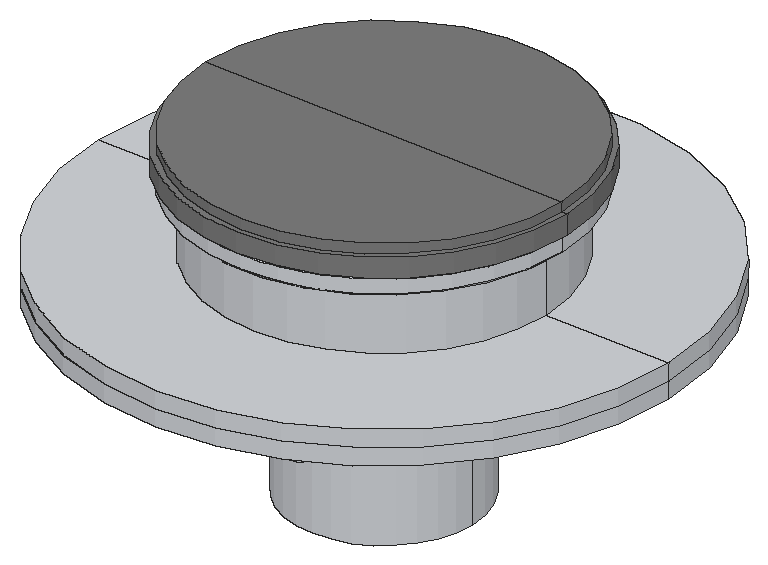
Revit family "F1100-C-5-1 R1", category Plumbing Fixtures, host Floor, Revit 2018
Family settings
  Host = Floor
  Round Connector Dimension = Use Radius
  Part Type = Normal
  Always vertical = Yes
  Cut with Voids When Loaded = No
  Shared = No
  Room Calculation Point = No
Parameters (values of type "2" Outlet, 5" Strainer")
  Strainer Diameter = Stainer Rad * 2  # 5"
  Strainer Adjustment [instance] = 1 1/2"
  -3 Stainless Steel Strainer [instance] = yes
  Stainer Rad = 2 1/2"
  Rad = 2"
  Pipe Rad = Pipe Diameter / 2  # 1"
  Pipe Diameter = 2"
  Other Pipe Sizes = yes
  -1 Nickel Bronze Strainer [instance] = yes
  Model = "F1100-C"
  Manufacturer = "MIFAB"
  Description = "Floor Drain with 5\" round strainer"
  Body Height [instance] = 3"
  Assembly Code = ""
  10" Dia = no
Types (5): name | Strainer Diameter | Stainer Rad | Pipe Rad | Pipe Diameter | Other Pipe Sizes | -1 Nickel Bronze Strainer | 10" Dia
  2" Outlet, 5" Strainer | 5" | 2 1/2" | 1" | 2" | yes | yes | no
  3" Outlet, 6" Strainer | 6" | 3" | 1 1/2" | 3" | yes | no | no
  4" Outlet, 7" Strainer | 7" | 3 1/2" | 2" | 4" | yes | yes | no
  5" Outlet, 8" Strainer | 8" | 4" | 2 1/2" | 5" | yes | yes | no
  6" Outlet, 10" Strainer | 10" | 5" | 3" | 6" | no | yes | yes
Reference planes (in)
  plane 1 "Center (Front/Back)": y = 0
  plane 2: z = 0
  plane 3 "Center (Left/Right)": x = 0
  plane 4: x = -1
  plane 5: x = -1.66016
  plane 6: x = -2.5
  plane 7: x = -2.03153
  plane 8: z = -3
  plane 9: x = -4
  plane 10: z = 1.5
  plane 11: x = -2.5
  plane 12: x = -2.03153
Forms (in)
  Revolve 1, void
    sketch origin (0, 0, 0) x (1, 0, 0) y (0, 0, 1)
      loop
        line (-4, 0) -> (-4, -12) -> (0, -12) -> (0, 0) -> (-4, 0)
      axis (0, -12) -> (0, 0)
    angle from 0 to 360
  Revolve 2, solid
    sketch origin (0, 0, -3.53205) x (1, 0, 0) y (0, 0, 1)
      loop
        line (-4, 3.07501) -> (-1.66016, 3.07501) -> (-1.66016, 3.30548) -> (-4, 3.30548) -> (-4, 3.07501)
      axis (0, 3.07501) -> (0, 3.30548)
    angle from 0 to 360
  Extrusion 3, solid, visible <- "Other Pipe Sizes"
    sketch origin (0, -0.15625, -1.37085) x (1, 0, 0) y (0, 1, 0)
      loop
        spline (-0.82031, -2.28075) -> (-0.79236, -2.31023) -> (-0.71041, -2.3377) -> (-0.58005, -2.36129) -> (-0.41016, -2.37939) -> (-0.21231, -2.39077) -> (0, -2.39465) -> (0.21231, -2.39077) -> (0.41016, -2.37939) -> (0.58005, -2.36129) -> (0.71041, -2.3377) -> (0.79236, -2.31023) -> (0.82031, -2.28075)
        line (0.82031, -2.28075) -> (0.82031, -1.66778)
        arc (0.82031, -1.66778) -> (0, -1.84375) -> (-0.82031, -1.66778) r 2
        line (-0.82031, -1.66778) -> (-0.82031, -2.28075)
      loop
        circle (0.47613, -2.06749) r 0.13672
    from 0.08075 to 0.82813
  Revolve 4, solid
    sketch origin (0, 0, -3.53205) x (1, 0, 0) y (0, 0, 1)
      loop
        line (-4, 3.30548) -> (-2.125, 3.30548) -> (-2.125, 3.53205) -> (-4, 3.53205) -> (-4, 3.30548)
      axis (0, 3.30548) -> (0, 3.53205)
    angle from 0 to 360
  Revolve 5, solid
    sketch origin (0, 0, -3.53205) x (1, 0, 0) y (0, 0, 1)
      loop
        line (-2.28125, 3.53205) -> (-2.03125, 3.53205) -> (-2.03125, 4.64142) -> (-2.44922, 4.64142) -> (-2.51172, 4.59064) -> (-2.51172, 4.40705) -> (-2.44922, 4.35626) -> (-2.28125, 4.35626) -> (-2.28125, 3.53205)
      axis (0, 3.53205) -> (0, 4.64142)
    angle from 0 to 360
  Revolve 6, solid, visible <- "Other Pipe Sizes"
    sketch origin (0, 0, -3.46955) x (1, 0, 0) y (0, 0, 1)
      loop
        line (-1.25, 0.46955) -> (-1, 0.46955) -> (-1, 2.15999) -> (-1.75, 2.32056) -> (-1.75, 3.01251) -> (-2, 3.01251) -> (-2, 2.17944) -> (-1.25, 2.01887) -> (-1.25, 0.46955)
      axis (0, 3.01251) -> (0, 0.46955)
    angle from 0 to 360
  Extrusion 7, solid, visible <- "Other Pipe Sizes"
    sketch origin (0, 0.15625, -1.37085) x (1, 0, 0) y (0, 1, 0)
      loop
        line (-0.82031, 2.28075) -> (-0.82031, 1.66778)
        arc (-0.82031, 1.66778) -> (0, 1.84375) -> (0.82031, 1.66778) r 2
        line (0.82031, 1.66778) -> (0.82031, 2.28075)
        spline (0.82031, 2.28075) -> (0.79236, 2.31023) -> (0.71041, 2.3377) -> (0.58005, 2.36129) -> (0.41016, 2.37939) -> (0.21231, 2.39077) -> (0, 2.39465) -> (-0.21231, 2.39077) -> (-0.41016, 2.37939) -> (-0.58005, 2.36129) -> (-0.71041, 2.3377) -> (-0.79236, 2.31023) -> (-0.82031, 2.28075)
      loop
        circle (0.47613, 2.06749) r 0.13672
    from 0.08075 to 0.82813
  Revolve 8, solid, material "Stainless Steel Strainer", visible <- "-3 Stainless Steel Strainer"
    sketch origin (0, 0, -3.53205) x (1, 0, 0) y (0, 0, 1)
      loop
        line (0, 4.90314) -> (0, 5.03205) -> (-2.5, 5.03205) -> (-2.5, 4.90314) -> (-2.57813, 4.90314) -> (-2.57813, 4.64142) -> (-2.03153, 4.64142) -> (-2.03153, 4.90314) -> (0, 4.90314)
      axis (0, 4.64142) -> (0, 5.03205)
    angle from 0 to 360
  Revolve 9, solid, material "Nickel Bronze Strainer", visible <- "-1 Nickel Bronze Strainer"
    sketch origin (0, 0, -3.53205) x (1, 0, 0) y (0, 0, 1)
      loop
        line (0, 4.90314) -> (0, 5.03205) -> (-2.5, 5.03205) -> (-2.5, 4.90314) -> (-2.57813, 4.90314) -> (-2.57813, 4.64142) -> (-2.03153, 4.64142) -> (-2.03153, 4.90314) -> (0, 4.90314)
      axis (0, 4.64142) -> (0, 5.03205)
    angle from 0 to 360
Cuts and joins
  joined: Extrusion 3, Revolve 6, Extrusion 7
Lines and regions (in)
  model lines
    curve 1: line (-2, 0, 0) -> (2, 0, 0)
    curve 2: line (0, 2, 0) -> (0, -2, 0)
Dimensions and locks (in)
  equal spacing: host sketch curve, plane 1 "Center (Front/Back)", host sketch curve
  equal spacing: host sketch curve, plane 3 "Center (Left/Right)", host sketch curve
  host sketch curve to host sketch curve = 120"  (x2)
  "Pipe Rad": plane 3 "Center (Left/Right)" to plane 4
  locked: plane 3 "Center (Left/Right)" to plane 5 at 1.66016
  "Stainer Rad": plane 6 to plane 3 "Center (Left/Right)"
  "Body Height": plane 2 to plane 8
  plane 2 to Revolve 6 sketch curve to Revolve 6 sketch curve to Revolve 6 sketch curve to Revolve 6 sketch curve = 1.14898" locked, 0.14112" locked, 0.01946" locked, 0.14112" locked
  plane 4 to Revolve 6 sketch curve to Revolve 6 sketch curve to Revolve 6 sketch curve = 1/4" locked, 1/2" locked, 1/4" locked
  "Strainer Adjustment": plane 10 to plane 2
  plane 10 to Revolve 8 sketch curve to Revolve 8 sketch curve = 33/256" locked, 67/256" locked
  plane 10 to Revolve 5 sketch curve to Revolve 5 sketch curve to Revolve 5 sketch curve = 113/256" locked, 47/256" locked, 13/256" locked
  locked: Revolve 9 sketch curve to Revolve 9 sketch curve at 0.26172
  "Stainer Rad": plane 3 "Center (Left/Right)" to plane 11
  locked: plane 11 to plane 12 at 0.46847
  locked: plane 10 to Revolve 9 sketch curve at 0.12891
  aligned and locked: Revolve 4 to Revolve 4
  aligned and locked: host floor to Revolve 1 sketch curve  (x2)
  aligned and locked: Revolve 1 sketch curve to Revolve 2
  aligned and locked: plane 4 to Revolve 6 sketch curve
  aligned and locked: Extrusion 3 sketch curve to Revolve 6
  aligned and locked: Extrusion 7 sketch curve to Revolve 6
  aligned and locked: Revolve 8 sketch curve to plane 6
  aligned and locked: plane 8 to Revolve 6 sketch curve
  aligned and locked: Revolve 2 to Revolve 6 sketch curve
  aligned and locked: Revolve 6 to Extrusion 3
  aligned and locked: Revolve 6 to Extrusion 7
  aligned and locked: plane 10 to Revolve 8 sketch curve
  aligned and locked: Revolve 8 sketch curve to Revolve 8 sketch curve
  aligned and locked: Revolve 8 to Revolve 5 sketch curve
  aligned and locked: Revolve 4 sketch curve to plane 2
  aligned and locked: Revolve 5 sketch curve to plane 2
  aligned and locked: Revolve 9 sketch curve to plane 11
  aligned and locked: Revolve 9 sketch curve to Revolve 9 sketch curve
  aligned and locked: plane 10 to Revolve 9 sketch curve
  aligned and locked: plane 3 "Center (Left/Right)" to Revolve 9 sketch curve
Automatic sketch dimensions
  plane 1 "Center (Front/Back)" to curve 1 = 0"
  curve 2 to plane 3 "Center (Left/Right)" = 0"
  curve 1 to plane 3 "Center (Left/Right)" = 2"
  plane 3 "Center (Left/Right)" to curve 1 = 2"
  plane 1 "Center (Front/Back)" to curve 2 = 2"
  curve 2 to plane 1 "Center (Front/Back)" = 2"
  Revolve 1 sketch curve to plane 3 "Center (Left/Right)" = 0"  (x2)
  Revolve 1 sketch curve to level = 4 1/4"
  Revolve 1 sketch curve to Revolve 1 sketch curve = 1/2"
  Revolve 2 sketch curve to plane 5 = 0"
  Revolve 2 sketch curve to plane 3 "Center (Left/Right)" = 0"
  Revolve 2 sketch curve to level = 117/256"
  Revolve 2 sketch curve to plane 5 = 2 87/256"
  Revolve 2 sketch curve to level = 29/128"
  Revolve 2 sketch curve to level = 1 29/128"
  level to Revolve 2 sketch curve = 1 35/128"
  Extrusion 3 sketch curve to plane 3 "Center (Left/Right)" = 0"
  Extrusion 3 sketch curve to plane 3 "Center (Left/Right)" = 105/128"
  Extrusion 3 sketch curve to Extrusion 3 sketch curve = 0.34418"
  Extrusion 3 sketch curve to Extrusion 3 sketch curve = 0.39971"
  Extrusion 3 sketch curve to Extrusion 3 sketch curve = 0.21326"
  Revolve 4 sketch curve to plane 3 "Center (Left/Right)" = 0"
  Revolve 4 sketch curve to plane 3 "Center (Left/Right)" = 2 1/8"
  Revolve 4 sketch curve to level = 29/128"
  Revolve 4 sketch curve to Revolve 4 sketch curve = 1 7/8"
  level to Revolve 4 sketch curve = 1 51/256"
  Revolve 4 sketch curve to Revolve 4 sketch curve = 1"
  Revolve 5 sketch curve to plane 3 "Center (Left/Right)" = 0"
  Revolve 5 sketch curve to plane 3 "Center (Left/Right)" = 2 1/32"
  Revolve 5 sketch curve to Revolve 5 sketch curve = 1/4"
  Revolve 5 sketch curve to Revolve 5 sketch curve = 43/256"
  Revolve 5 sketch curve to Revolve 5 sketch curve = 0"
  Revolve 5 sketch curve to Revolve 5 sketch curve = 1/16"
  level to Revolve 5 sketch curve = 1 115/256"
  Revolve 5 sketch curve to Revolve 5 sketch curve = 1.08677"
  Extrusion 7 sketch curve to plane 3 "Center (Left/Right)" = 0"
  Extrusion 7 sketch curve to plane 3 "Center (Left/Right)" = 105/128"
  Extrusion 7 sketch curve to Extrusion 7 sketch curve = 0.34418"
  Extrusion 7 sketch curve to Extrusion 7 sketch curve = 0.39971"
  Extrusion 7 sketch curve to Extrusion 7 sketch curve = 0.21326"
  Revolve 6 sketch curve to plane 3 "Center (Left/Right)" = 0"
  plane 8 to Revolve 6 sketch curve = 21"
  Revolve 6 sketch curve to plane 10 = 104.09953"
  plane 7 to Revolve 8 sketch curve = 0"
  Revolve 8 sketch curve to plane 3 "Center (Left/Right)" = 0"  (x2)
  plane 6 to Revolve 8 sketch curve = 5/64"
  Revolve 8 sketch curve to Revolve 8 sketch curve = 0"
  Revolve 8 sketch curve to plane 10 = 159/256"
  plane 12 to Revolve 9 sketch curve = 0"
  Revolve 9 sketch curve to plane 3 "Center (Left/Right)" = 0"
  plane 11 to Revolve 9 sketch curve = 5/64"
  Revolve 9 sketch curve to Revolve 9 sketch curve = 0"
  Revolve 9 sketch curve to plane 10 = 159/256"
  radius of Extrusion 3 sketch curve = 35/256"
  radius of Extrusion 7 sketch curve = 35/256"
Connectors (in)
  piping at (0, 0, -3), diameter 2, driven by "Pipe Rad"
    settings: on cut or joined group of Extrusion 3, Revolve 6, Extrusion 7, index 1, connector inside diameter 24", connector length 0", flow factor 0, pipe flow 0 GPM, pressure drop 0.00 psi, fitting loss kfactor 0, connector angle 0.00°, fixture units 0, engagement length 0", angle of deflection 0.00°, flow configuration 0, flow direction 2, fitting loss method 0, system type 16, joint type 0, gender type 0, connector reference index -1, connector utility 0, adjustable connector no, is connector primary yes, connector description "Outlet Connection"
